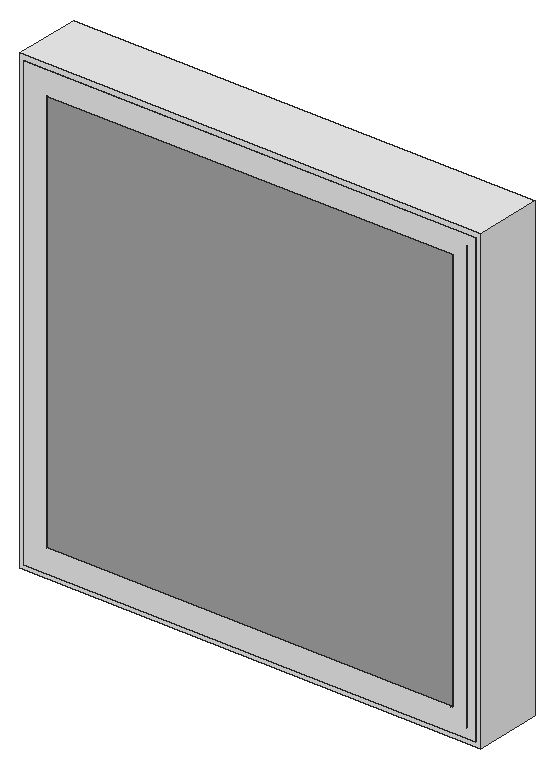
Revit family
Parameters (values of type "Louver_Wind-Drvn-Rn_EFJ-745_All-Lite")
  Rough Width = 0 ft
  Rough Height = 0 ft
  Model Number = "EFJ-745"  # constant formula
  Model = ""
  Minimum Size = "12\" x 12\""
  Maximum Size - Single Section = "60\" x 120\" or 120\" x 60\""
  Maximum Size - Multiple Section = "Unlimited"
  Horizontal Spacing = 0.25 ft
  URL = "http://www.alllite-louvers.com"
  Specifications = "http://www.alllite-louvers.com/catalog/AEFJ-745-csi-specification.doc"
  Spacing = 0.417 ft
  SmartBIM Object Version = 3  # constant formula
  SmartBIM Object Created By = "Reed Construction Data"  # constant formula
  Shim Thickness = 0.042 ft
  Screen Width = Width - (2 * Shim Thickness) - 2 * 0.197917 ft  # 3.520167 ft
  Screen Height = Height - (2 * 0.239583 ft)  # 3.520833 ft
  Screen = Aluminum
  Product URL = "http://www.alllite-louvers.com/catalog.php?model=EFJ-745"
  Pressure Loss (in.wg.) = "0.62"  # constant formula
  OmniClass Title = "Exterior Louvers and Grilles"  # constant formula
  OmniClass Code = "23-60 11 17"  # constant formula
  Manufacturer = "All-Lite"  # constant formula
  Louver Width = Width - (2 * Shim Thickness) - 2 * 0.083333 ft  # 3.749333 ft
  Louver Height = Height - ((2 * Shim Thickness) + 0.166667 ft)  # 3.749333 ft
  Louver = Mill finish, 6063-T5 Extruded Aluminum
  Installation = "http://www.alllite-louvers.com/catalog/Installation.pdf"
  Height = 4 ft
  Free Area for 48”x48” Louver = "50.0%"
  Free Area Velocity (fpm) = "1,250"  # constant formula
  Free Area (ft²) for 48"x48" Louver = 8 ft
  Frame = Mill finish, 6063-T5 Extruded Aluminum
  Default Sill Height = 2 ft
  Wall Closure = (empty or 0)
  Width = 4 ft
  Cut Sheet = "http://www.alllite-louvers.com/catalog/AEFJ745.pdf"
  Assembly Code = "B2010300"
  Air Volume Delivered (cfm) = "10,000"
  95 CSI = "10200 "  # constant formula
  04 CSI = "08 91 00"  # constant formula
  # of Louvers = (Height - 0.25 ft) / (Spacing)  # 9
  # Of Horizontal Louvers = (Width - 0.25 ft) / (Horizontal Spacing)  # 15
Reference planes (ft)
  plane 1 "Center (Front/Back)": y = 0
  plane 2: z = 0.291667
  plane 3 "Center (Left/Right)": x = 0
  plane 4 "Left": x = -2
  plane 5 "Right": x = 2
  plane 6 "Sill": z = 2.291667
  plane 7 "Top": z = 6.291667
  plane 8: x = -1.958
  plane 9: x = 1.958
  plane 10: z = 6.249667
  plane 11: z = 2.333667
  plane 12: z = 4.291667
  plane 13: z = 2.417
  plane 14: z = 2.458667
  plane 15: z = 6.166333
  plane 16: z = 6.124667
  plane 17: x = -1.708
  plane 18: x = 1.708
Forms (ft)
  Sweep 1, solid, material "Mill finish, 6063-T5 Extruded Aluminum" <- "Frame"
    path origin (-5, 0.333333, 0) x (-1, 0, 0) y (0, 0, 1)
      loop
        line (-6.958, 6.249667) -> (-6.958, 2.333667) -> (-3.042, 2.333667) -> (-3.042, 6.249667) -> (-6.958, 6.249667)
    profile "Horizontal Mullion : Horizontal Mullion" origin (0, 0.333333, 6.249667) x (0, 0, 1) y (0, 1, 0)
      loop
        line (0, 0) -> (-0.083333, 0) -> (-0.083333, -0.583333) -> (-0.197917, -0.583333) -> (-0.197917, -0.590083) -> (0, -0.590083) -> (0, -0.548417) -> (-0.00675, -0.548417) -> (-0.00675, -0.583333) -> (-0.076583, -0.583333) -> (-0.076583, -0.006628) -> (-0.00675, -0.006628) -> (-0.00675, -0.041545) -> (0, -0.041545) -> (0, 0)
  Sweep 2, solid, material "Mill finish, 6063-T5 Extruded Aluminum" <- "Frame"
    path origin (-5, 0.333333, 0) x (-1, 0, 0) y (0, 0, 1)
      loop
        line (-3, 6.291667) -> (-7, 6.291667) -> (-7, 2.291667) -> (-3, 2.291667) -> (-3, 6.291667)
    profile origin (-2, 0.333333, 4.291667) x (0, 1, 0) y (-1, 0, 0)
      loop
        line (0, 0) -> (-0.583333, 0) -> (-0.583333, -0.042) -> (0, -0.042) -> (0, 0)
  Extrusion 3, solid, material "Aluminum" <- "Screen"
    sketch origin (-5, 0.333333, 0) x (-1, 0, 0) y (0, 0, 1)
      loop
        line (-3.239917, 6.052083) -> (-6.760083, 6.052083) -> (-6.760083, 2.53125) -> (-3.239917, 2.53125) -> (-3.239917, 6.052083)
    from -0.583333 to -0.590083
Lines and regions (ft)
  Opening 1
    outline origin (-5, -0.333333, 0) x (1, 0, 0) y (0, 0, 1)
      loop
        line (3, 6.291667) -> (3, 2.291667) -> (7, 2.291667) -> (7, 6.291667) -> (3, 6.291667)
  Masking region 1, detail levels coarse+medium
    outline origin (0, 0, 0) x (1, 0, 0) y (0, 1, 0)
      loop
        line (-1.874667, 0.333333) -> (-2, 0.333333) -> (-2, -0.25) -> (-1.874667, -0.25) -> (-1.874667, 0.333333)
      loop
        line (2, -0.25675) -> (2, 0.333333) -> (1.874667, 0.333333) -> (1.874667, -0.25675) -> (2, -0.25675)
  Masking region 2, detail levels fine
    outline origin (0, 0, 0) x (1, 0, 0) y (0, 1, 0)
      loop
        line (-1.95125, 0.326705) -> (-1.881417, 0.326705) -> (-1.881417, -0.25) -> (-1.95125, -0.25) -> (-1.95125, -0.215083) -> (-1.958, -0.215083) -> (-1.958, -0.25675) -> (-1.874667, -0.25675) -> (-1.874667, 0.333333) -> (-1.958, 0.333333) -> (-1.958, 0.291789) -> (-1.95125, 0.291789) -> (-1.95125, 0.326705)
      loop
        line (1.881417, -0.25) -> (1.881417, 0.326705) -> (1.95125, 0.326705) -> (1.95125, 0.291789) -> (1.958, 0.291789) -> (1.958, 0.333333) -> (1.874667, 0.333333) -> (1.874667, -0.25675) -> (1.958, -0.25675) -> (1.958, -0.215083) -> (1.95125, -0.215083) -> (1.95125, -0.25) -> (1.881417, -0.25)
Text (ft)
  text "EXTERIOR" at (-4.683865, 2.639021, 0), in view "Ref. Level"
  text "INTERIOR" at (-4.683865, -0.747534, 0), in view "Ref. Level"
  text "Exterior" at (0, 3.638026, 10.266337), in view "Left"
  text "Exterior" at (0, 1.524487, 10.420622), in view "Right"
Dimensions and locks (ft)
  equal spacing: plane 4 "Left", plane 3 "Center (Left/Right)", plane 5 "Right"
  "Width": plane 4 "Left" to plane 5 "Right"
  "Height": plane 6 "Sill" to plane 7 "Top"
  "Default Sill Height": plane 2 to plane 6 "Sill"
  "Shim Thickness": plane 4 "Left" to plane 8
  "Shim Thickness": plane 9 to plane 5 "Right"
  "Shim Thickness": plane 10 to plane 7 "Top"
  "Shim Thickness": plane 6 "Sill" to plane 11
  equal spacing: plane 11, plane 12, plane 10
  locked: plane 13 to plane 11 at 0.083333
  locked: plane 14 to plane 13 at 0.041667
  locked: plane 10 to plane 15 at 0.083333
  locked: plane 15 to plane 16 at 0.041667
  Extrusion 3 to plane 6 "Sill" = 0.239583 ft
  "Horizontal Spacing": plane 8 to plane 17
  "Horizontal Spacing": plane 18 to plane 9
  equal spacing: group 1, group 3, group 4, group 5, group 6, group 7, group 8, group 9, group 15, group 16, group 17, group 18, group 19, group 20, group 2  (x2)
  equal spacing: group 2, group 20, group 19, group 18, group 17, group 16, group 15, group 9, group 8, group 7, group 6, group 5, group 4, group 3, group 1
  equal spacing: Extrusion 3 sketch curve, plane 3 "Center (Left/Right)", Extrusion 3 sketch curve
  "Screen Width": Extrusion 3 sketch curve to Extrusion 3 sketch curve
  equal spacing: Extrusion 3 sketch curve, plane 12, Extrusion 3 sketch curve
  "Screen Height": Extrusion 3 sketch curve to Extrusion 3 sketch curve
  equal spacing: group 10, group 12, group 13, group 14, group 21, group 22, group 23, group 24, group 11  (x3)
  aligned and locked: plane 7 "Top" to Opening 1 sketch curve
  aligned and locked: plane 6 "Sill" to Opening 1 sketch curve  (x2)
  aligned and locked: plane 5 "Right" to Opening 1 sketch curve
  aligned and locked: plane 4 "Left" to Opening 1 sketch curve
  aligned and locked: plane 10 to Sweep 1 sketch curve
  aligned and locked: Sweep 2 sketch curve to plane 4 "Left"
  aligned and locked: Sweep 2 sketch curve to plane 7 "Top"
  aligned and locked: Sweep 2 sketch curve to plane 6 "Sill"
  aligned and locked: Sweep 2 sketch curve to plane 5 "Right"
  aligned and locked: Sweep 2 sketch curve to host wall  (x2)
  aligned and locked: plane 8 to Sweep 2 sketch curve
  aligned and locked: Sweep 2 to Extrusion 3
  aligned and locked: plane 12 to nested 1
  aligned and locked: plane 17 to nested 1
  aligned and locked: plane 3 "Center (Left/Right)" to nested 2
  aligned and locked: plane 14 to nested 2
  aligned and locked: nested 1 to nested 3
  aligned and locked: Sweep 1 to nested 1
  aligned and locked: Sweep 1 sketch curve to plane 9
  aligned and locked: plane 11 to Sweep 1 sketch curve
  aligned and locked: nested 3 to plane 18
  aligned and locked: Sweep 1 to Extrusion 3  (x2)
  aligned and locked: nested 2 to Sweep 1
  aligned and locked: nested 11 to plane 16
  aligned and locked: nested 11 to Sweep 1
  aligned and locked: plane 3 "Center (Left/Right)" to nested 11
  aligned and locked: Sweep 2 to Masking region 1 sketch curve
  aligned and locked: Masking region 1 sketch curve to Sweep 2  (x2)
  aligned and locked: Masking region 1 sketch curve to Sweep 1  (x2)
  aligned and locked: Masking region 1 sketch curve to plane 4 "Left"
  aligned and locked: Masking region 1 sketch curve to plane 5 "Right"
  aligned and locked: Masking region 2 sketch curve to Sweep 1  (x16)
  aligned and locked: Sweep 1 to Masking region 2 sketch curve  (x4)
  aligned and locked: plane 9 to Masking region 2 sketch curve
  aligned and locked: Sweep 1 to Masking region 1 sketch curve
  aligned and locked: plane 12 to nested 3
Automatic sketch dimensions
  Sweep 2 sketch curve to profile plane = 0.583333 ft
  Sweep 1 sketch curve to plane 8 = 0 ft
  Masking region 2 sketch curve to Masking region 2 sketch curve = 0.00675 ft
  Masking region 2 sketch curve to Masking region 2 sketch curve = 0.034917 ft
  Masking region 2 sketch curve to host wall = 0.006628 ft
Nested families (ft)
  nested 1: "Louver" at (-1.577141, -0.08724, 2.417), type "Louver"
    with Louver Height 3.749333 ft
  nested 2: "Louver-1" at (0, 0.164023, 2.458667), type "Louver-1"
    with Louver Length 3.749333 ft
  nested 3: "Louver" at (1.838859, -0.08724, 2.417), type "Louver"
    with Louver Height 3.749333 ft
  nested 4: "Louver" at (-1.333141, -0.08724, 2.417), type "Louver"
    with Louver Height 3.749333 ft
  nested 5: "Louver" at (-1.089141, -0.08724, 2.417), type "Louver"
    with Louver Height 3.749333 ft
  nested 6: "Louver" at (-0.845141, -0.08724, 2.417), type "Louver"
    with Louver Height 3.749333 ft
  nested 7: "Louver" at (-0.601141, -0.08724, 2.417), type "Louver"
    with Louver Height 3.749333 ft
  nested 8: "Louver" at (-0.357141, -0.08724, 2.417), type "Louver"
    with Louver Height 3.749333 ft
  nested 9: "Louver" at (-0.113141, -0.08724, 2.417), type "Louver"
    with Louver Height 3.749333 ft
  nested 10: "Louver" at (0.130859, -0.08724, 2.417), type "Louver"
    with Louver Height 3.749333 ft
  nested 11: "Louver-1" at (0, 0.164023, 5.681822), type "Louver-1"
    with Louver Length 3.749333 ft
  nested 12: "Louver-1" at (0, 0.164023, 2.861561), type "Louver-1"
    with Louver Length 3.749333 ft
  nested 13: "Louver-1" at (0, 0.164023, 3.264456), type "Louver-1"
    with Louver Length 3.749333 ft
  nested 14: "Louver-1" at (0, 0.164023, 3.66735), type "Louver-1"
    with Louver Length 3.749333 ft
  nested 15: "Louver" at (0.374859, -0.08724, 2.417), type "Louver"
    with Louver Height 3.749333 ft
  nested 16: "Louver" at (0.618859, -0.08724, 2.417), type "Louver"
    with Louver Height 3.749333 ft
  nested 17: "Louver" at (0.862859, -0.08724, 2.417), type "Louver"
    with Louver Height 3.749333 ft
  nested 18: "Louver" at (1.106859, -0.08724, 2.417), type "Louver"
    with Louver Height 3.749333 ft
  nested 19: "Louver" at (1.350859, -0.08724, 2.417), type "Louver"
    with Louver Height 3.749333 ft
  nested 20: "Louver" at (1.594859, -0.08724, 2.417), type "Louver"
    with Louver Height 3.749333 ft
  nested 21: "Louver-1" at (0, 0.164023, 4.070245), type "Louver-1"
    with Louver Length 3.749333 ft
  nested 22: "Louver-1" at (0, 0.164023, 4.473139), type "Louver-1"
    with Louver Length 3.749333 ft
  nested 23: "Louver-1" at (0, 0.164023, 4.876033), type "Louver-1"
    with Louver Length 3.749333 ft
  nested 24: "Louver-1" at (0, 0.164023, 5.278928), type "Louver-1"
    with Louver Length 3.749333 ft
Connectors (ft)
  hvac at (0, -0.25, 4.291667), driven by "Screen Height", driven by "Screen Width"
    settings: on Extrusion 3, index 1
Definition of nested family "Louver"
  Parameters (values of type "Louver")
    q = 0.101562 ft
    Louver Length = 3.770833 ft
    Louver Height = 1 ft
    Louver Array = yes
    Louver = none
    Assembly Code = ""
  Reference planes (ft)
    plane 1 "Center (Front/Back)": y = -0.050781
    plane 2: z = 0
    plane 3 "Center (Left/Right)": x = -0.130859
    plane 4: x = -0.181641
    plane 5: x = -0.080078
    plane 6: z = 0.5
    plane 7: z = 0.052569
    plane 8: y = 0.074219
    plane 9: y = -0.16276
    plane 10: z = 1
  Forms (ft)
    Extrusion 1, solid, material <- "Louver"
      sketch origin (0, 0, 0) x (1, 0, 0) y (0, 1, 0)
        loop
          arc (-0.089007, -0.050752) -> (-0.096276, -0.016446) -> (-0.121705, 0.007701) r 0.059094
          arc (-0.121705, 0.007701) -> (-0.152936, 0.031511) -> (-0.175543, 0.063624) r 0.128845
          arc (-0.175543, 0.063624) -> (-0.176177, 0.065639) -> (-0.176391, 0.06774) r 0.010417
          line (-0.176391, 0.06774) -> (-0.176391, 0.072133)
          arc (-0.176391, 0.072133) -> (-0.179016, 0.074758) -> (-0.181641, 0.072133) r 0.002625
          line (-0.181641, 0.072133) -> (-0.181641, 0.067667)
          arc (-0.181641, 0.067667) -> (-0.181295, 0.064468) -> (-0.180304, 0.061407) r 0.015667
          arc (-0.180304, 0.061407) -> (-0.156725, 0.027878) -> (-0.124119, 0.003038) r 0.134095
          arc (-0.124119, 0.003038) -> (-0.102068, -0.016952) -> (-0.094006, -0.045603) r 0.053844
          arc (-0.094006, -0.045603) -> (-0.094369, -0.046886) -> (-0.09534, -0.0478) r 0.0025
          arc (-0.09534, -0.0478) -> (-0.10109, -0.05538) -> (-0.098975, -0.064656) r 0.01125
          arc (-0.098975, -0.064656) -> (-0.098467, -0.065889) -> (-0.098665, -0.067207) r 0.0025
          arc (-0.098665, -0.067207) -> (-0.104382, -0.077072) -> (-0.112047, -0.085512) r 0.053844
          line (-0.112047, -0.085512) -> (-0.173954, -0.140624)
          arc (-0.173954, -0.140624) -> (-0.177597, -0.145687) -> (-0.179016, -0.151761) r 0.015928
          line (-0.179016, -0.151761) -> (-0.179016, -0.159211)
          arc (-0.179016, -0.159211) -> (-0.176484, -0.161742) -> (-0.173953, -0.159211) r 0.002531
          line (-0.173953, -0.159211) -> (-0.173953, -0.152325)
          arc (-0.173953, -0.152325) -> (-0.173041, -0.148061) -> (-0.170463, -0.144545) r 0.010417
          line (-0.170463, -0.144545) -> (-0.103902, -0.08529) -> (-0.086256, -0.069581)
          arc (-0.086256, -0.069581) -> (-0.077591, -0.05671) -> (-0.076185, -0.041257) r 0.03125
          arc (-0.076185, -0.041257) -> (-0.079195, -0.039084) -> (-0.081368, -0.042094) r 0.002625
          arc (-0.081368, -0.042094) -> (-0.081228, -0.049402) -> (-0.083128, -0.056461) r 0.026
          arc (-0.083128, -0.056461) -> (-0.095028, -0.062833) -> (-0.089007, -0.050752) r 0.007083
      from 0 to 1
  Dimensions and locks (ft)
    equal spacing: level, plane 6, plane 10
    "Louver Height": level to plane 10
    equal spacing: plane 4, plane 3 "Center (Left/Right)", plane 5
    "q": plane 4 to plane 5
    aligned and locked: Extrusion 1 to level
    aligned and locked: Extrusion 1 to plane 10
  Automatic sketch dimensions
    Extrusion 1 sketch curve to Extrusion 1 sketch curve = 0 ft  (x18)
    Extrusion 1 sketch curve to plane 4 = 0 ft
    plane 4 to Extrusion 1 sketch curve = 0.001337 ft
    plane 4 to Extrusion 1 sketch curve = 0.002625 ft  (x2)
    Extrusion 1 sketch curve to Extrusion 1 sketch curve = 0.002531 ft
    Extrusion 1 sketch curve to Extrusion 1 sketch curve = 0.000848 ft
    plane 4 to Extrusion 1 sketch curve = 0.007687 ft
    Extrusion 1 sketch curve to Extrusion 1 sketch curve = 0.003491 ft
    Extrusion 1 sketch curve to Extrusion 1 sketch curve = 0.009569 ft
    Extrusion 1 sketch curve to Extrusion 1 sketch curve = 0.010417 ft
    Extrusion 1 sketch curve to Extrusion 1 sketch curve = 0.000441 ft
    Extrusion 1 sketch curve to plane 1 "Center (Front/Back)" = 0.005486 ft
    plane 3 "Center (Left/Right)" to Extrusion 1 sketch curve = 0.00674 ft
    Extrusion 1 sketch curve to Extrusion 1 sketch curve = 0.002414 ft
    Extrusion 1 sketch curve to plane 1 "Center (Front/Back)" = 0.004541 ft
    Extrusion 1 sketch curve to Extrusion 1 sketch curve = 0.008145 ft
    Extrusion 1 sketch curve to Extrusion 1 sketch curve = 0.002953 ft
    Extrusion 1 sketch curve to Extrusion 1 sketch curve = 0.001974 ft
    Extrusion 1 sketch curve to Extrusion 1 sketch curve = 0.002284 ft
    Extrusion 1 sketch curve to plane 1 "Center (Front/Back)" = 0.005193 ft
    Extrusion 1 sketch curve to Extrusion 1 sketch curve = 0.001166 ft
    Extrusion 1 sketch curve to Extrusion 1 sketch curve = 0.0025 ft
    Extrusion 1 sketch curve to plane 1 "Center (Front/Back)" = 0.00003 ft
    Extrusion 1 sketch curve to Extrusion 1 sketch curve = 0.006332 ft
    Extrusion 1 sketch curve to Extrusion 1 sketch curve = 0.001086 ft
    Extrusion 1 sketch curve to plane 5 = 0.006178 ft
    Extrusion 1 sketch curve to plane 5 = 0.00305 ft
    Extrusion 1 sketch curve to plane 5 = 0.00129 ft
    plane 5 to Extrusion 1 sketch curve = 0.001302 ft
    plane 5 to Extrusion 1 sketch curve = 0.019963 ft
    plane 1 "Center (Front/Back)" to Extrusion 1 sketch curve = 0.005679 ft
    Extrusion 1 sketch curve to Extrusion 1 sketch curve = 0.001534 ft
    Extrusion 1 sketch curve to Extrusion 1 sketch curve = 0.000222 ft
    plane 9 to Extrusion 1 sketch curve = 0.022137 ft
    Extrusion 1 sketch curve to Extrusion 1 sketch curve = 0.003921 ft
    Extrusion 1 sketch curve to Extrusion 1 sketch curve = 0.000564 ft
    plane 9 to Extrusion 1 sketch curve = 0.00355 ft
    Extrusion 1 sketch curve to Extrusion 1 sketch curve = 0.000419 ft
    plane 8 to Extrusion 1 sketch curve = 0.012812 ft
    plane 8 to Extrusion 1 sketch curve = 0.002085 ft
Definition of nested family "Louver-1"
  Parameters (values of type "Louver")
    q = 0.402344 ft
    Louver Length = 3.770833 ft
    Louver Array = yes
    Louver = none
    Assembly Code = ""
  Reference planes (ft)
    plane 1 "Center (Front/Back)": y = 0
    plane 2: z = 0
    plane 3 "Center (Left/Right)": x = 0
    plane 4: x = -1.885417
    plane 5: x = 1.885417
    plane 6: z = 0.18686
    plane 7: z = 0.052569
    plane 8: y = 0.16276
    plane 9: y = -0.16276
    plane 10: z = 0.442844
  Forms (ft)
    Extrusion 1, solid, material <- "Louver", visible <- "Louver Array"
      sketch origin (0, -0.058594, 0) x (0, 1, 0) y (0, 0, 1)
        loop
          line (-0.097807, 0.380665) -> (-0.097807, 0.439469)
          arc (-0.097807, 0.439469) -> (-0.101182, 0.442844) -> (-0.104557, 0.439469) r 0.003375
          line (-0.104557, 0.439469) -> (-0.104557, 0.377869) -> (-0.033528, 0.30684)
          arc (-0.033528, 0.30684) -> (-0.032629, 0.304318) -> (-0.034011, 0.302026) r 0.003125
          arc (-0.034011, 0.302026) -> (-0.038482, 0.297044) -> (-0.039968, 0.290517) r 0.013333
          arc (-0.039968, 0.290517) -> (-0.036751, 0.287487) -> (-0.033721, 0.290703) r 0.003125
          arc (-0.033721, 0.290703) -> (-0.021632, 0.295923) -> (-0.026852, 0.283834) r 0.007083
          arc (-0.026852, 0.283834) -> (-0.030069, 0.280804) -> (-0.027038, 0.277587) r 0.003125
          arc (-0.027038, 0.277587) -> (-0.020511, 0.279074) -> (-0.015529, 0.283545) r 0.013333
          arc (-0.015529, 0.283545) -> (-0.013237, 0.284927) -> (-0.010715, 0.284027) r 0.003125
          line (-0.010715, 0.284027) -> (0.143555, 0.129756)
          arc (0.143555, 0.129756) -> (0.144455, 0.127235) -> (0.143073, 0.124943) r 0.003125
          arc (0.143073, 0.124943) -> (0.138602, 0.119961) -> (0.137115, 0.113434) r 0.013333
          arc (0.137115, 0.113434) -> (0.140332, 0.110403) -> (0.143363, 0.11362) r 0.003125
          arc (0.143363, 0.11362) -> (0.155451, 0.11884) -> (0.150232, 0.106751) r 0.007083
          arc (0.150232, 0.106751) -> (0.147015, 0.103721) -> (0.150045, 0.100504) r 0.003125
          arc (0.150045, 0.100504) -> (0.156572, 0.10199) -> (0.161554, 0.106461) r 0.013333
          arc (0.161554, 0.106461) -> (0.163847, 0.107843) -> (0.166368, 0.106944) r 0.003125
          line (0.166368, 0.106944) -> (0.214526, 0.058785) -> (0.214526, 0.005402)
          arc (0.214526, 0.005402) -> (0.216117, -0.000682) -> (0.221276, 0.002915) r 0.003833
          line (0.221276, 0.002915) -> (0.221276, 0.058992)
          arc (0.221276, 0.058992) -> (0.2208, 0.061384) -> (0.219445, 0.063412) r 0.00625
          line (0.219445, 0.063412) -> (-0.097807, 0.380665)
      from -1.885417 to 1.885417
  Dimensions and locks (ft)
    equal spacing: plane 4, plane 3 "Center (Left/Right)", plane 5
    "Louver Length": plane 4 to plane 5
    plane 1 "Center (Front/Back)" to plane 8 = 0.16276 ft
    equal spacing: plane 9, plane 1 "Center (Front/Back)", plane 8
    locked: level to plane 10 at 0.442844
    aligned and locked: Extrusion 1 to plane 4
    aligned and locked: plane 5 to Extrusion 1
  Automatic sketch dimensions
    Extrusion 1 sketch curve to Extrusion 1 sketch curve = 0 ft  (x20)
    Extrusion 1 sketch curve to Extrusion 1 sketch curve = 0.003375 ft
    plane 1 "Center (Front/Back)" to Extrusion 1 sketch curve = 0.098562 ft
    Extrusion 1 sketch curve to Extrusion 1 sketch curve = 0.003124 ft  (x4)
    Extrusion 1 sketch curve to Extrusion 1 sketch curve = 0.001106 ft  (x2)
    Extrusion 1 sketch curve to Extrusion 1 sketch curve = 0.001727 ft  (x2)
    Extrusion 1 sketch curve to Extrusion 1 sketch curve = 0.00221 ft  (x4)
    Extrusion 1 sketch curve to Extrusion 1 sketch curve = 0.006683 ft  (x2)
    Extrusion 1 sketch curve to Extrusion 1 sketch curve = 0.000093 ft  (x2)
    Extrusion 1 sketch curve to Extrusion 1 sketch curve = 0.000211 ft  (x2)
    Extrusion 1 sketch curve to Extrusion 1 sketch curve = 0.011322 ft  (x2)
    Extrusion 1 sketch curve to Extrusion 1 sketch curve = 0.002604 ft  (x2)
    Extrusion 1 sketch curve to plane 6 = 0.057103 ft
    Extrusion 1 sketch curve to plane 7 = 0.054375 ft
    Extrusion 1 sketch curve to Extrusion 1 sketch curve = 0.0005 ft
    Extrusion 1 sketch curve to Extrusion 1 sketch curve = 0.002917 ft
    Extrusion 1 sketch curve to plane 7 = 0.010843 ft
    Extrusion 1 sketch curve to Extrusion 1 sketch curve = 0.000207 ft
    level to Extrusion 1 sketch curve = 0.005402 ft
    plane 6 to Extrusion 1 sketch curve = 0.090727 ft
    Extrusion 1 sketch curve to Extrusion 1 sketch curve = 0.071029 ft
    Extrusion 1 sketch curve to Extrusion 1 sketch curve = 0.002796 ft
    Extrusion 1 sketch curve to plane 1 "Center (Front/Back)" = 0.078522 ft
    Extrusion 1 sketch curve to Extrusion 1 sketch curve = 0.050368 ft
    Extrusion 1 sketch curve to Extrusion 1 sketch curve = 0.004419 ft
    Extrusion 1 sketch curve to Extrusion 1 sketch curve = 0.001831 ft
    Extrusion 1 sketch curve to Extrusion 1 sketch curve = 0.064279 ft
    Extrusion 1 sketch curve to Extrusion 1 sketch curve = 0.058805 ft
